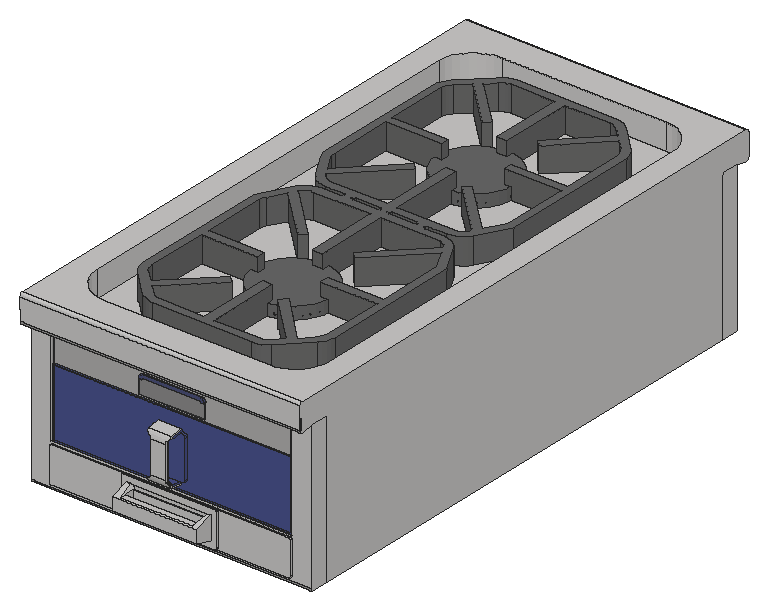
Revit family "QF_ELECTROLUXPROFESSIONAL_588049_MAGCACDOPI", category Specialty Equipment, Revit 2018
Family settings
  Round Connector Dimension = Use Diameter
  Part Type = Normal
  Work Plane-Based = No
  Always vertical = Yes
  Cut with Voids When Loaded = No
  Shared = No
  Room Calculation Point = No
Parameters
  Weight in Pounds = 81.571
  Watts = 0 W
  URL Cutsheet = ""
  Type Mark [instance] = ""
  Status [instance] = ""
  Specification by User [instance] = ""
  Specification by Manufacturer = ""
  Show Clearance [instance] = yes
  Serial Number = ""
  Seismic Rating = ""
  SMACNA No = ""
  Revision Code [instance] = ""
  Omniclass Number and Title = ""
  NAFEM Spec ID Number = ""
  Model = "588049"
  Mechanical Remarks [instance] = ""
  Mechanical Connection Type [instance] = ""
  Masterspec = ""
  Manufacturer = "ELECTROLUX"
  Item Number [instance] = ""
  Installed By [instance] = ""
  Identify Quantity as Lot [instance] = yes
  HP = "0 HP"
  Gas Size = 1/2"
  Gas RI Height [instance] = 0 mm
  Gas KW = 14
  Gas Input = 47726.0 Btu/h
  Gas Connection Height [instance] = 0 mm
  Furnished By [instance] = ""
  Foodservice Equipment Identifier [instance] = yes
  Direct Waste Size = 0"
  Description = "GAS TOP,2 BURNERS,ECO,2SIDE,400X800X250H"
  CSI MasterFormat = ""
  CSI Master Format = ""
  Back Panel [instance] = yes
Reference planes
  plane 1 "BACK": y = 0
  plane 2: z = 0
  plane 3 "LEFT": x = 0
  plane 4 "RIGHT": x = 400
  plane 5 "FRONT": y = -800
  plane 6 "TOP": z = 250
  plane 7: x = 200
  plane 8: y = -400
  plane 9: z = 370
  plane 10: x = 365
  plane 11: y = -60.425
  plane 12: y = -1230
Forms (mm)
  Extrusion 1, solid, material "QF_Finishes_Stainless Steel"
    sketch origin (0, -487.128, 0) x (0, 1, 0) y (0, 0, 1)
      loop
        line (483.128, 250) -> (-308.872, 250)
        arc (-308.872, 250) -> (-311.7, 248.828) -> (-312.872, 246) r 4
        line (-312.872, 246) -> (-312.872, 214)
        arc (-312.872, 214) -> (-311.437, 210.931) -> (-308.161, 210.064) r 4
        line (-308.161, 210.064) -> (-292.872, 213) -> (-267.872, 213) -> (-267.872, 0) -> (442.128, 0) -> (442.128, 213) -> (465.765, 213) -> (482.433, 210.061)
        arc (482.433, 210.061) -> (485.699, 210.936) -> (487.128, 214) r 4
        line (487.128, 214) -> (487.128, 246)
        arc (487.128, 246) -> (485.956, 248.828) -> (483.128, 250) r 4
    from 0 to 400
  Extrusion 2, void
    sketch origin (653.786, 44.048, 250) x (1, 0, 0) y (0, -1, 0)
      loop
        line (-570.234, 89.462) -> (-335.321, 89.462)
        arc (-335.321, 89.462) -> (-300.694, 103.805) -> (-286.351, 138.432) r 48.97
        line (-286.351, 138.432) -> (-286.351, 750.078)
        arc (-286.351, 750.078) -> (-300.694, 784.705) -> (-335.321, 799.048) r 48.97
        line (-335.321, 799.048) -> (-570.234, 799.048)
        arc (-570.234, 799.048) -> (-605.59, 784.403) -> (-620.234, 749.048) r 50
        line (-620.234, 749.048) -> (-620.234, 139.462)
        arc (-620.234, 139.462) -> (-605.59, 104.107) -> (-570.234, 89.462) r 50
    from 0 to 37
  Extrusion 3, solid, material "QF_Finishes_Stainless Steel"
    sketch origin (10, -560, 0) x (1, 0, 0) y (0, -1, 0)
      loop
        circle (355, -70) r 6.35
    from 0 to 3.2
  Extrusion 4, solid, material "QF_Door-Drawer Clearances", visible <- "Show Clearance", detail levels coarse
    sketch origin (-178.969, -4572, 0) x (-1, 0, 0) y (0, -1, 0)
      loop
        line (-207.364, -3789.407) -> (-207.364, -3342) -> (-551.364, -3342) -> (-551.364, -3789.407) -> (-207.364, -3789.407)
    from 8.012 to 59.392
Cuts and joins
  Extrusion 2 cuts Extrusion 1
Lines and regions (mm)
  symbolic lines
    curve 1: line (0, 0, 0) -> (400, 0, 0)
    curve 2: line (0, -800, 0) -> (0, 0, 0)
    curve 3: line (400, -800, 0) -> (0, -800, 0)
    curve 4: line (400, 0, 0) -> (400, -800, 0)
    curve 5: arc (83.552, -755, 0) -> (48.197, -740.355, 0) -> (33.552, -705, 0) r 50
    curve 6: line (33.552, -705, 0) -> (33.552, -95.414, 0)
    curve 7: arc (33.552, -95.414, 0) -> (48.197, -60.059, 0) -> (83.552, -45.414, 0) r 50
    curve 8: line (83.552, -45.414, 0) -> (318.465, -45.414, 0)
    curve 9: arc (318.465, -45.414, 0) -> (353.092, -59.757, 0) -> (367.435, -94.384, 0) r 48.97
    curve 10: line (367.435, -94.384, 0) -> (367.435, -706.03, 0)
    curve 11: arc (367.435, -706.03, 0) -> (353.092, -740.657, 0) -> (318.465, -755, 0) r 48.97
    curve 12: line (318.465, -755, 0) -> (83.552, -755, 0)
  symbolic lines, style "QF_Door-Drawer Clearances"
    curve 13: line (28.395, -800, 0) -> (28.395, -1230, 0)
    curve 14: line (28.395, -1230, 0) -> (372.395, -1230, 0)
    curve 15: line (372.395, -1230, 0) -> (372.395, -800, 0)
Dimensions and locks
  plane 3 "LEFT" to plane 4 "RIGHT" = 400 mm
  plane 5 "FRONT" to plane 1 "BACK" = 800 mm
  equal spacing: plane 3 "LEFT", plane 7, plane 4 "RIGHT"
  equal spacing: plane 5 "FRONT", plane 8, plane 1 "BACK"
  plane 6 "TOP" to level = 250 mm  (x2)
  plane 1 "BACK" to plane 5 "FRONT" = 800 mm
  Extrusion 3 sketch curve to plane 1 "BACK" = 490 mm
  Extrusion 3 sketch curve to plane 4 "RIGHT" = 35 mm
  plane 1 "BACK" to Extrusion 3 = 490 mm
  locked: plane 10 to plane 4 "RIGHT" at 35
  plane 5 "FRONT" to plane 12 = 430 mm
  aligned and locked: level to plane 2
  aligned and locked: plane 7 to nested 1
  aligned and locked: Extrusion 1 to plane 4 "RIGHT"
Automatic sketch dimensions
  Extrusion 1 sketch curve to plane 5 "FRONT" = 0 mm
  Extrusion 1 sketch curve to plane 6 "TOP" = 0 mm
  Extrusion 1 sketch curve to level = 0 mm
  Extrusion 1 sketch curve to plane 1 "BACK" = 0 mm
  Extrusion 1 sketch curve to plane 6 "TOP" = 37 mm  (x2)
  Extrusion 1 sketch curve to plane 5 "FRONT" = 4 mm
  Extrusion 1 sketch curve to plane 5 "FRONT" = 20 mm
  Extrusion 1 sketch curve to plane 5 "FRONT" = 45 mm
  plane 1 "BACK" to Extrusion 1 sketch curve = 21.363 mm
  plane 1 "BACK" to Extrusion 1 sketch curve = 4 mm  (x2)
  Extrusion 1 sketch curve to Extrusion 1 sketch curve = 4 mm
  Extrusion 1 sketch curve to Extrusion 1 sketch curve = 0.711 mm
  plane 1 "BACK" to Extrusion 1 sketch curve = 4.695 mm
  Extrusion 1 sketch curve to Extrusion 1 sketch curve = 0 mm  (x2)
  Extrusion 1 sketch curve to Extrusion 1 sketch curve = 1 mm  (x2)
  plane 1 "BACK" to Extrusion 1 sketch curve = 45 mm
  plane 1 "BACK" to curve 1 = 0 mm
  curve 1 to plane 4 "RIGHT" = 0 mm
  curve 2 to plane 3 "LEFT" = 0 mm
  Extrusion 2 sketch curve to Extrusion 2 sketch curve = 50 mm  (x2)
  Extrusion 1 to Extrusion 2 sketch curve = 81.535 mm  (x2)
  Extrusion 1 to Extrusion 2 sketch curve = 41 mm
  Extrusion 1 to Extrusion 2 sketch curve = 32.565 mm
  Extrusion 1 to Extrusion 2 sketch curve = 33.552 mm
  Extrusion 1 to Extrusion 2 sketch curve = 91.414 mm
  curve 10 to plane 10 = 2.435 mm
  plane 11 to curve 8 = 15.012 mm
  plane 10 to curve 8 = 46.535 mm
  plane 3 "LEFT" to curve 8 = 83.552 mm
  plane 3 "LEFT" to curve 6 = 33.552 mm
  curve 6 to plane 5 "FRONT" = 95 mm
  plane 10 to curve 12 = 46.535 mm
  curve 10 to plane 5 "FRONT" = 93.97 mm
  Extrusion 4 sketch curve to plane 5 "FRONT" = 17.407 mm
  plane 7 to Extrusion 4 sketch curve = 172.395 mm
  plane 3 "LEFT" to Extrusion 4 sketch curve = 28.395 mm
  plane 5 "FRONT" to Extrusion 4 sketch curve = 430 mm
  curve 13 to plane 12 = 0 mm
  plane 3 "LEFT" to curve 13 = 28.395 mm
  curve 14 to plane 10 = 7.395 mm
  curve 15 to plane 5 "FRONT" = 0 mm
  radius of Extrusion 3 sketch curve = 6.35 mm
Nested families
  nested 1: "EG_800_500_Single Range Control Handle Front Panel" at (202.376, -755, -650), type "EG_800_500_Single Range Control Handle Front Panel"
  nested 2: "OBT_800_Open Burner" at (200, -400.207, -649.319), type "OBT_800_Open Burner"
  nested 3: "EG_800_500_Single Range Control Handle Back Panel" at (202.376, -45, -650), type "EG_800_500_Single Range Control Handle Back Panel"
Connectors
  piping at (365, -490, -3.2), diameter 12.8
    settings: on Extrusion 3, index 1, connector inside diameter 0.50394", connector length 0 mm, flow factor 0, pipe flow 0 GPM, pressure drop 0.00 psi, fitting loss kfactor 0, connector angle 0.00°, fixture units 0, engagement length 0 mm, angle of deflection 0.00°, flow configuration 1, flow direction 1, fitting loss method 0, system type 7, joint type 0, gender type 0, connector reference index -1, connector utility 0, adjustable connector no, is connector primary yes, connector description "GAS CONNECTION"
Definition of nested family "EG_800_500_Single Range Control Handle Front Panel"
  Reference planes
    plane 1 "Center (Front/Back)": y = 0
    plane 2: z = 0
    plane 3 "Center (Left/Right)": x = -2.376
    plane 4: x = -202.376
    plane 5: x = 197.624
    plane 6: y = -45
  Forms (mm)
    Extrusion 1, solid
      sketch origin (833.217, 829.203, -1.25) x (0, 1, 0) y (0, 0, 1)
        loop
          arc (-854.203, 654.25) -> (-853.324, 652.129) -> (-851.203, 651.25) r 3
          line (-851.203, 651.25) -> (-829.203, 651.25) -> (-829.203, 864.25) -> (-854.203, 864.25) -> (-854.203, 654.25)
      from -1035.593 to -635.593
    Extrusion 2, void
      sketch origin (33.217, 829.203, -1.25) x (1, 0, 0) y (0, 0, 1)
        loop
          line (-207.593, 855.116) -> (-207.593, 713.116) -> (136.407, 713.116) -> (136.407, 855.116) -> (-207.593, 855.116)
      from 848.59 to 854.203
  Cuts and joins
    Extrusion 2 cuts Extrusion 1
  Dimensions and locks
    equal spacing: plane 5, plane 3 "Center (Left/Right)", plane 4
    plane 5 to plane 4 = 400 mm
    aligned and locked: cut or joined group of Extrusion 1, Extrusion 2 to plane 4
    aligned and locked: plane 5 to cut or joined group of Extrusion 1, Extrusion 2
    aligned and locked: plane 3 "Center (Left/Right)" to nested 1
    aligned and locked: cut or joined group of Extrusion 1, Extrusion 2 to nested 1
  Automatic sketch dimensions
    Extrusion 1 sketch curve to plane 1 "Center (Front/Back)" = 0 mm
    plane 1 "Center (Front/Back)" to Extrusion 1 sketch curve = 22 mm
    Extrusion 1 sketch curve to Extrusion 1 sketch curve = 3 mm
    level to Extrusion 1 sketch curve = 650 mm
    Extrusion 1 sketch curve to Extrusion 1 sketch curve = 210 mm
    plane 4 to Extrusion 2 sketch curve = 28 mm
    Extrusion 2 sketch curve to plane 5 = 28 mm
    level to Extrusion 2 sketch curve = 711.866 mm
    Extrusion 2 sketch curve to Extrusion 2 sketch curve = 142 mm
  Nested families
    nested 1: "glass conrol panel" at (-2.376, 280.644, 2.752), type "glass conrol panel"
    nested 2: "Range Control Handle" at (-2.602, -28.137, -209.113), type "Range Control Handle"
    nested 3: "grease trap door" at (-69.975, -25, 0), type "grease trap door"
  Definition of nested family "glass conrol panel"
    Reference planes
      plane 1 "Center (Front/Back)": y = 0
      plane 2: z = 0
      plane 3 "Center (Left/Right)": x = 0
    Forms (mm)
      Extrusion 1, solid
        sketch origin (378.286, 0, 0.617) x (1, 0, 0) y (0, 0, 1)
          loop
            line (-550.286, 806.791) -> (-550.286, 708.497) -> (-206.286, 708.497) -> (-206.286, 806.791) -> (-550.286, 806.791)
        from 300.031 to 304.8
      Extrusion 2, solid
        sketch origin (378.286, 0, 0.617) x (1, 0, 0) y (0, 0, 1)
          loop
            line (-550.286, 850.497) -> (-550.286, 806.791) -> (-206.286, 806.791) -> (-206.286, 850.497) -> (-550.286, 850.497)
        from 300.031 to 304.8
      Extrusion 3, void
        sketch origin (378.286, 0, 0.617) x (1, 0, 0) y (0, 0, 1)
          loop
            line (-547.628, 847.565) -> (-547.628, 710.699) -> (-209.196, 710.699) -> (-209.196, 847.565) -> (-547.628, 847.565)
        from 303.697 to 304.8
      Extrusion 4, solid
        sketch origin (308.309, 1.101, -0.633) x (1, 0, 0) y (0, 0, 1)
          loop
            line (-261.431, 812.62) -> (-261.431, 834.177) -> (-266.24, 834.177) -> (-268.039, 835.977) -> (-348.469, 835.977) -> (-350.269, 834.177) -> (-355.186, 834.177) -> (-355.186, 812.62) -> (-261.431, 812.62)
        from 304.798 to 306.745
      Extrusion 5, solid
        sketch origin (308.309, 1.101, -0.633) x (1, 0, 0) y (0, 0, 1)
          loop
            line (-350.269, 834.177) -> (-348.469, 835.977) -> (-268.039, 835.977) -> (-266.24, 834.177) -> (-261.529, 834.177)
            arc (-261.529, 834.177) -> (-262.706, 838.752) -> (-266.98, 840.763) r 5.549
            line (-266.98, 840.763) -> (-349.686, 840.763)
            arc (-349.686, 840.763) -> (-353.942, 838.747) -> (-355.078, 834.177) r 5.5
            line (-355.078, 834.177) -> (-350.269, 834.177)
        from 304.798 to 306.745
    Cuts and joins
      Extrusion 3 cuts Extrusion 1
      Extrusion 3 cuts Extrusion 2
    Dimensions and locks
      aligned and locked: Extrusion 1 to Extrusion 2
      aligned and locked: Extrusion 5 sketch curve to Extrusion 4  (x4)
      aligned and locked: Extrusion 4 to Extrusion 5 sketch curve
      aligned and locked: Extrusion 5 to Extrusion 4
  Definition of nested family "Range Control Handle"
    Reference planes
      plane 1 "Center (Front/Back)": y = 0
      plane 2: z = 0
      plane 3 "Center (Left/Right)": x = 0
      plane 4: z = 971.092
      plane 5: y = -16.9
    Forms (mm)
      Extrusion 1, solid
        sketch origin (-746.28, 380.497, 208.931) x (-1, 0, 0) y (0, 0, 1)
          loop
            line (-770.101, 786.798) -> (-770.101, 731.649)
            arc (-770.101, 731.649) -> (-769.759, 730.563) -> (-768.855, 729.87) r 1.893
            line (-768.855, 729.87) -> (-763.474, 727.911) -> (-729.81, 727.911) -> (-724.428, 729.87)
            arc (-724.428, 729.87) -> (-723.525, 730.563) -> (-723.183, 731.649) r 1.893
            line (-723.183, 731.649) -> (-723.183, 786.798)
            arc (-723.183, 786.798) -> (-723.529, 787.894) -> (-724.44, 788.593) r 1.91
            line (-724.44, 788.593) -> (-729.683, 790.819) -> (-763.601, 790.819) -> (-768.844, 788.593)
            arc (-768.844, 788.593) -> (-769.755, 787.894) -> (-770.101, 786.798) r 1.91
        from -382.35 to -378.852
      Sweep 2, solid
        path origin (-746.788, 380.496, 208.091) x (0, -1, 0) y (0, 0, 1)
          loop
            line (379.775, 793.281) -> (395.661, 791.048)
            arc (395.661, 791.048) -> (397.781, 787.377) -> (398.517, 783.202) r 12.207
            line (398.517, 783.202) -> (398.517, 737.368)
            arc (398.517, 737.368) -> (397.781, 733.193) -> (395.661, 729.522) r 12.207
            line (395.661, 729.522) -> (379.775, 727.289)
        profile origin (-746.788, -7.222, 1000.256) x (0, -0.139173, 0.990268) y (-1, 0, 0)
          loop
            line (0.782, -763.123) -> (0.782, -730.907) -> (-1.322, -730.907) -> (-1.322, -763.123) -> (0.782, -763.123)
      Sweep 3, solid
        path origin (-746.788, 380.715, 207.832) x (0, -1, 0) y (0, 0, 1)
          loop
            line (380.478, 795.442) -> (397.218, 793.09)
            arc (397.218, 793.09) -> (399.929, 788.473) -> (400.871, 783.202) r 15.207
            line (400.871, 783.202) -> (400.871, 737.584)
            arc (400.871, 737.584) -> (399.914, 732.274) -> (397.164, 727.633) r 15.207
            line (397.164, 727.633) -> (380.601, 725.305)
        profile origin (-746.788, -8.132, 1002.099) x (0, -0.139173, 0.990268) y (-1, 0, 0)
          loop
            line (0.782, -763.123) -> (0.782, -730.907) -> (-1.322, -730.907) -> (-1.322, -763.123) -> (0.782, -763.123)
      Extrusion 4, void
        sketch origin (889.253, 220.666, 207.993) x (1, 0, 0) y (0, 0, 1)
          loop
            line (-943.038, 816.854) -> (-943.038, 703.686) -> (-899.466, 734.196) -> (-899.466, 786.344) -> (-943.038, 816.854)
        from 230.636 to 242.25
      Extrusion 5, void
        sketch origin (-888.8, 220.666, 207.993) x (-1, 0, 0) y (0, 0, -1)
          loop
            line (-943.038, -816.854) -> (-899.466, -786.344) -> (-899.466, -734.196) -> (-943.038, -703.686) -> (-943.038, -816.854)
        from 230.636 to 242.25
      Extrusion 6, solid
        sketch origin (0, 0, 0) x (1, 0, 0) y (0, 0, 1)
          loop
            circle (0, 971.092) r 7.736
        from -3.137 to -1.645
    Cuts and joins
      Extrusion 4, Extrusion 5 cuts Sweep 3
      Extrusion 4, Extrusion 5 cuts Sweep 2
      joined: Extrusion 1, Extrusion 6
    Lines and regions (mm)
      symbolic lines
        curve 1: line (16.334, -16.9, 0) -> (16.334, -19.227, 0)
        curve 2: spline (16.334, -19.227, 0) -> (15.87, -19.385, 0) -> (15.404, -19.536, 0) -> (14.936, -19.678, 0) -> (14.466, -19.813, 0) -> (13.995, -19.94, 0) -> (13.523, -20.059, 0) -> (13.049, -20.171, 0) -> (12.575, -20.274, 0) -> (12.099, -20.37, 0) -> (11.622, -20.458, 0) -> (11.144, -20.537, 0) -> (10.666, -20.609, 0)
        curve 3: line (10.666, -16.9, 0) -> (10.666, -20.938, 0)
        curve 4: line (-10.213, -20.938, 0) -> (10.666, -20.938, 0)
        curve 5: line (-10.213, -20.938, 0) -> (-10.213, -16.9, 0)
        curve 6: spline (-10.213, -20.609, 0) -> (-10.691, -20.537, 0) -> (-11.169, -20.458, 0) -> (-11.646, -20.37, 0) -> (-12.122, -20.274, 0) -> (-12.597, -20.171, 0) -> (-13.07, -20.059, 0) -> (-13.542, -19.94, 0) -> (-14.013, -19.813, 0) -> (-14.483, -19.678, 0) -> (-14.951, -19.536, 0) -> (-15.417, -19.385, 0) -> (-15.881, -19.227, 0)
        curve 7: line (-15.881, -19.227, 0) -> (-15.881, -16.9, 0)
  Definition of nested family "grease trap door"
    Reference planes
      plane 1 "Center (Front/Back)": y = 0
      plane 2: z = 0
      plane 3 "Center (Left/Right)": x = 0
      plane 4: y = -20
    Forms (mm)
      Extrusion 1, solid
        sketch origin (1627.55, 854.203, -1.25) x (1, 0, 0) y (0, 0, 1)
          loop
            arc (-1627.55, 661.235) -> (-1626.972, 659.84) -> (-1625.577, 659.262) r 1.973
            line (-1625.577, 659.262) -> (-1494.325, 659.262)
            arc (-1494.325, 659.262) -> (-1492.156, 660.16) -> (-1491.258, 662.329) r 3.067
            line (-1491.258, 662.329) -> (-1491.258, 708.803)
            arc (-1491.258, 708.803) -> (-1492.414, 710.143) -> (-1494.111, 710.642) r 3.133
            line (-1494.111, 710.642) -> (-1625.486, 710.642)
            arc (-1625.486, 710.642) -> (-1626.945, 710.038) -> (-1627.55, 708.579) r 2.063
            line (-1627.55, 708.579) -> (-1627.55, 661.235)
        from 856.795 to 859.203
      Extrusion 2, solid
        sketch origin (445.874, 2476.61, 0) x (0, 1, 0) y (0, 0, 1)
          loop
            line (-2506.377, 675.273) -> (-2481.61, 667.505) -> (-2481.61, 700.995) -> (-2506.377, 693.227) -> (-2506.377, 675.273)
        from -437.68 to -317.68
      Extrusion 3, void
        sketch origin (1627.55, 854.203, -1.25) x (1, 0, 0) y (0, 0, 1)
          loop
            line (-1614.883, 703) -> (-1610.542, 695.433) -> (-1508.17, 695.433) -> (-1503.828, 703) -> (-1614.883, 703)
          loop
            line (-1614.883, 668) -> (-1502.669, 668) -> (-1507.01, 675.567) -> (-1610.542, 675.567) -> (-1614.883, 668)
        from 832.916 to 883.97
      Extrusion 4, void
        sketch origin (447.55, 854.203, -1.25) x (1, 0, 0) y (0, 0, 1)
          loop
            line (-430.542, 695.433) -> (-430.542, 675.567) -> (-328.17, 675.567) -> (-328.17, 695.433) -> (-430.542, 695.433)
        from 859.203 to 874.202
      Extrusion 5, solid
        sketch origin (1627.55, 854.203, -1.25) x (1, 0, 0) y (0, 0, 1)
          loop
            arc (-1731.556, 661.235) -> (-1730.978, 659.84) -> (-1729.583, 659.262) r 1.973
            line (-1729.583, 659.262) -> (-1390.623, 659.262)
            arc (-1390.623, 659.262) -> (-1388.454, 660.16) -> (-1387.556, 662.329) r 3.067
            line (-1387.556, 662.329) -> (-1387.556, 708.803)
            arc (-1387.556, 708.803) -> (-1388.712, 710.143) -> (-1390.409, 710.642) r 3.133
            line (-1390.409, 710.642) -> (-1729.493, 710.642)
            arc (-1729.493, 710.642) -> (-1730.952, 710.038) -> (-1731.556, 708.579) r 2.063
            line (-1731.556, 708.579) -> (-1731.556, 661.235)
        from 854.203 to 856.795
    Cuts and joins
      Extrusion 3 cuts Extrusion 1
      Extrusion 3, Extrusion 4 cuts Extrusion 2
      joined: Extrusion 1, Extrusion 2
    Lines and regions (mm)
      model lines
        curve 1: line (67.599, 0, 658.012) -> (67.599, 0, 709.392)
      symbolic lines
        curve 2: line (8.194, -20, 0) -> (8.194, -29.767, 0)
        curve 3: line (8.194, -29.767, 0) -> (128.194, -29.767, 0)
        curve 4: line (128.194, -29.767, 0) -> (128.194, -20, 0)
    Dimensions and locks
      aligned and locked: Extrusion 2 to Extrusion 1
      aligned and locked: Extrusion 3 to Extrusion 2
      aligned and locked: Extrusion 4 to Extrusion 1
Definition of nested family "OBT_800_Open Burner"
  Reference planes
    plane 1 "Center (Front/Back)": y = 0
    plane 2: z = 0
    plane 3 "Center (Left/Right)": x = 0
    plane 4: x = -136.448
    plane 5: x = 137.435
    plane 6: y = 324.793
    plane 7: y = -324.793
  Forms (mm)
    Extrusion 1, solid
      sketch origin (2130.573, 56.896, -679.622) x (1, 0, 0) y (0, 1, 0)
        loop
          line (-2137.44, 256.49) -> (-2200.793, 256.49)
          arc (-2200.793, 256.49) -> (-2207.908, 255.075) -> (-2213.94, 251.044) r 18.593
          line (-2213.94, 251.044) -> (-2226.233, 238.751) -> (-2163.48, 175.998) -> (-2171.6, 167.877) -> (-2234.354, 230.631) -> (-2250.33, 214.654)
          arc (-2250.33, 214.654) -> (-2254.433, 208.337) -> (-2255.614, 200.897) r 18.125
          line (-2255.614, 200.897) -> (-2255.614, 113.422) -> (-2175.79, 113.422) -> (-2175.79, 101.938) -> (-2255.614, 101.938) -> (-2255.614, 10.897)
          arc (-2255.614, 10.897) -> (-2254.981, 6.085) -> (-2253.123, 1.601) r 18.593
          line (-2253.123, 1.601) -> (-2240.078, -20.994) -> (-2171.6, 47.483) -> (-2163.48, 39.363) -> (-2234.012, -31.169)
          arc (-2234.012, -31.169) -> (-2228.546, -38.527) -> (-2220.23, -42.379) r 18.593
          line (-2220.23, -42.379) -> (-2137.44, -42.379) -> (-2137.44, 62.464) -> (-2123.707, 62.464) -> (-2123.707, -42.379) -> (-2039.969, -42.379)
          arc (-2039.969, -42.379) -> (-2031.653, -38.527) -> (-2026.187, -31.169) r 18.593
          line (-2026.187, -31.169) -> (-2097.271, 39.915) -> (-2089.15, 48.035) -> (-2020.118, -20.997) -> (-2004.585, 5.916) -> (-2004.585, 101.938) -> (-2085.357, 101.938) -> (-2085.357, 113.422) -> (-2004.585, 113.422) -> (-2004.585, 197.888)
          arc (-2004.585, 197.888) -> (-2006.695, 208.496) -> (-2012.704, 217.489) r 27.72
          line (-2012.704, 217.489) -> (-2025.845, 230.631) -> (-2089.15, 167.325) -> (-2097.271, 175.446) -> (-2033.966, 238.751) -> (-2046.259, 251.044)
          arc (-2046.259, 251.044) -> (-2052.291, 255.075) -> (-2059.406, 256.49) r 18.593
          line (-2059.406, 256.49) -> (-2123.707, 256.49) -> (-2123.707, 152.897) -> (-2137.44, 152.897) -> (-2137.44, 256.49)
        loop
          arc (-2267.021, 10.897) -> (-2265.999, 3.132) -> (-2263.002, -4.103) r 30
          line (-2263.002, -4.103) -> (-2242.795, -39.103)
          arc (-2242.795, -39.103) -> (-2231.814, -50.084) -> (-2216.814, -54.103) r 30
          line (-2216.814, -54.103) -> (-2189.287, -54.103)
          arc (-2189.287, -54.103) -> (-2188.243, -56) -> (-2186.272, -56.896) r 3.438
          arc (-2186.272, -56.896) -> (-2188.243, -57.792) -> (-2189.287, -59.689) r 3.438
          line (-2189.287, -59.689) -> (-2216.814, -59.689)
          arc (-2216.814, -59.689) -> (-2231.814, -63.708) -> (-2242.795, -74.689) r 30
          line (-2242.795, -74.689) -> (-2263.002, -109.689)
          arc (-2263.002, -109.689) -> (-2265.999, -116.924) -> (-2267.021, -124.689) r 30
          line (-2267.021, -124.689) -> (-2267.021, -315.461)
          arc (-2267.021, -315.461) -> (-2264.738, -326.941) -> (-2258.234, -336.674) r 30
          line (-2258.234, -336.674) -> (-2221.975, -372.933)
          arc (-2221.975, -372.933) -> (-2212.253, -379.414) -> (-2200.793, -381.689) r 30
          line (-2200.793, -381.689) -> (-2059.406, -381.689)
          arc (-2059.406, -381.689) -> (-2047.942, -379.412) -> (-2038.218, -372.928) r 30
          line (-2038.218, -372.928) -> (-2001.964, -336.674)
          arc (-2001.964, -336.674) -> (-1995.461, -326.941) -> (-1993.138, -315.461) r 30
          line (-1993.138, -315.461) -> (-1993.138, -116.719) -> (-2017.404, -74.689)
          arc (-2017.404, -74.689) -> (-2028.385, -63.708) -> (-2043.385, -59.689) r 30
          line (-2043.385, -59.689) -> (-2070.476, -59.689)
          arc (-2070.476, -59.689) -> (-2072.136, -57.759) -> (-2074.531, -56.896) r 5
          arc (-2074.531, -56.896) -> (-2072.136, -56.033) -> (-2070.476, -54.103) r 5
          line (-2070.476, -54.103) -> (-2043.385, -54.103)
          arc (-2043.385, -54.103) -> (-2028.385, -50.084) -> (-2017.404, -39.103) r 30
          line (-2017.404, -39.103) -> (-1993.294, 2.656) -> (-1993.294, 204.314)
          arc (-1993.294, 204.314) -> (-1995.995, 214.361) -> (-2001.964, 222.882) r 30
          line (-2001.964, 222.882) -> (-2038.218, 259.136)
          arc (-2038.218, 259.136) -> (-2047.942, 265.62) -> (-2059.406, 267.897) r 30
          line (-2059.406, 267.897) -> (-2200.793, 267.897)
          arc (-2200.793, 267.897) -> (-2212.253, 265.622) -> (-2221.975, 259.141) r 30
          line (-2221.975, 259.141) -> (-2258.234, 222.882)
          arc (-2258.234, 222.882) -> (-2264.738, 213.149) -> (-2267.021, 201.669) r 30
          line (-2267.021, 201.669) -> (-2267.021, 10.897)
        loop
          arc (-2122.397, -54.103) -> (-2124.057, -56.033) -> (-2126.452, -56.896) r 5
          arc (-2126.452, -56.896) -> (-2124.057, -57.759) -> (-2122.397, -59.689) r 5
          line (-2122.397, -59.689) -> (-2085.985, -59.689)
          arc (-2085.985, -59.689) -> (-2084.941, -57.792) -> (-2082.97, -56.896) r 3.438
          arc (-2082.97, -56.896) -> (-2084.941, -56) -> (-2085.985, -54.103) r 3.438
          line (-2085.985, -54.103) -> (-2122.397, -54.103)
        loop
          arc (-2173.778, -54.103) -> (-2175.438, -56.033) -> (-2177.833, -56.896) r 5
          arc (-2177.833, -56.896) -> (-2175.438, -57.759) -> (-2173.778, -59.689) r 5
          line (-2173.778, -59.689) -> (-2137.906, -59.689)
          arc (-2137.906, -59.689) -> (-2136.862, -57.792) -> (-2134.891, -56.896) r 3.438
          arc (-2134.891, -56.896) -> (-2136.862, -56) -> (-2137.906, -54.103) r 3.438
          line (-2137.906, -54.103) -> (-2173.778, -54.103)
        loop
          line (-2137.44, -370.282) -> (-2137.44, -265.439) -> (-2123.707, -265.439) -> (-2123.707, -370.282) -> (-2059.406, -370.282)
          arc (-2059.406, -370.282) -> (-2052.291, -368.867) -> (-2046.259, -364.836) r 18.593
          line (-2046.259, -364.836) -> (-2033.341, -351.918) -> (-2097.271, -287.988) -> (-2089.15, -279.867) -> (-2025.22, -343.798) -> (-2012.704, -331.281)
          arc (-2012.704, -331.281) -> (-2006.695, -322.288) -> (-2004.585, -311.68) r 27.72
          line (-2004.585, -311.68) -> (-2004.585, -225.964) -> (-2085.357, -225.964) -> (-2085.357, -214.48) -> (-2004.585, -214.48) -> (-2004.585, -119.708) -> (-2020.576, -92.003) -> (-2089.15, -160.577) -> (-2097.271, -152.457) -> (-2026.57, -81.755)
          arc (-2026.57, -81.755) -> (-2032.024, -74.971) -> (-2039.969, -71.413) r 18.593
          line (-2039.969, -71.413) -> (-2123.707, -71.413) -> (-2123.707, -175.006) -> (-2137.44, -175.006) -> (-2137.44, -71.413) -> (-2220.23, -71.413)
          arc (-2220.23, -71.413) -> (-2228.175, -74.971) -> (-2233.629, -81.755) r 18.593
          line (-2233.629, -81.755) -> (-2163.48, -151.905) -> (-2171.6, -160.025) -> (-2239.62, -92.005) -> (-2253.123, -115.393)
          arc (-2253.123, -115.393) -> (-2254.981, -119.877) -> (-2255.614, -124.689) r 18.593
          line (-2255.614, -124.689) -> (-2255.614, -214.48) -> (-2175.79, -214.48) -> (-2175.79, -225.964) -> (-2255.614, -225.964) -> (-2255.614, -314.689)
          arc (-2255.614, -314.689) -> (-2254.433, -322.129) -> (-2250.33, -328.446) r 18.125
          line (-2250.33, -328.446) -> (-2234.979, -343.798) -> (-2171.6, -280.419) -> (-2163.48, -288.54) -> (-2226.858, -351.918) -> (-2213.94, -364.836)
          arc (-2213.94, -364.836) -> (-2207.908, -368.867) -> (-2200.793, -370.282) r 18.593
          line (-2200.793, -370.282) -> (-2137.44, -370.282)
      from 1542.072 to 1578.941
    Extrusion 2, solid
      sketch origin (2130.573, 86.122, 0) x (1, 0, 0) y (0, 1, 0)
        loop
          circle (-2130.573, -249.448) r 55
        loop
          circle (-2130.573, 78.455) r 55
      from 862.45 to 879.837
    Extrusion 3, void
      sketch origin (-124.371, -330.785, -22.784) x (-0.587785, -0.809017, 0) y (0, 0, 1)
        loop
          circle (-213.495, 891.283) r 1
      from -67.69 to -35.114
    Extrusion 4, void
      sketch origin (-89.903, -351.417, -22.784) x (-0.422618, -0.906308, 0) y (0, 0, 1)
        loop
          circle (-213.495, 891.283) r 1
      from -74.826 to -35.114
    Extrusion 5, void
      sketch origin (-52.131, -365.093, -22.784) x (-0.241922, -0.970296, 0) y (0, 0, 1)
        loop
          circle (-213.495, 891.283) r 1
      from -67.69 to -35.114
    Extrusion 6, void
      sketch origin (27.702, -369.842, -22.784) x (0.139173, -0.990268, 0) y (0, 0, 1)
        loop
          circle (-213.495, 891.283) r 1
      from -67.69 to -35.114
    Extrusion 7, void
      sketch origin (66.829, -360.74, -22.784) x (0.325568, -0.945519, 0) y (0, 0, 1)
        loop
          circle (-213.495, 891.283) r 1
      from -67.69 to -35.114
    Extrusion 8, void
      sketch origin (103.5, -344.339, -22.784) x (0.5, -0.866025, 0) y (0, 0, 1)
        loop
          circle (-213.495, 891.283) r 1
      from -67.69 to -35.114
    Extrusion 9, void
      sketch origin (136.368, -321.242, -22.784) x (0.656059, -0.75471, 0) y (0, 0, 1)
        loop
          circle (-213.495, 891.283) r 1
      from -67.69 to -35.114
    Extrusion 10, void
      sketch origin (164.225, -292.298, -22.784) x (0.788011, -0.615661, 0) y (0, 0, 1)
        loop
          circle (-213.495, 891.283) r 1
      from -67.69 to -35.114
    Extrusion 11, void
      sketch origin (186.048, -258.571, -22.784) x (0.891007, -0.45399, 0) y (0, 0, 1)
        loop
          circle (-213.495, 891.283) r 1
      from -67.69 to -35.114
    Extrusion 12, void
      sketch origin (201.034, -221.299, -22.784) x (0.961262, -0.275637, 0) y (0, 0, 1)
        loop
          circle (-213.495, 891.283) r 1
      from -67.69 to -35.114
    Extrusion 13, void
      sketch origin (208.566, -141.681, -22.784) x (0.994522, 0.104528, 0) y (0, 0, 1)
        loop
          circle (-213.495, 891.283) r 1
      from -67.69 to -35.114
    Extrusion 14, void
      sketch origin (200.835, -102.26, -22.784) x (0.956305, 0.292372, 0) y (0, 0, 1)
        loop
          circle (-213.495, 891.283) r 1
      from -67.69 to -35.114
    Extrusion 15, void
      sketch origin (185.724, -65.039, -22.784) x (0.882948, 0.469472, 0) y (0, 0, 1)
        loop
          circle (-213.495, 891.283) r 1
      from -67.69 to -35.114
    Extrusion 16, void
      sketch origin (163.788, -31.385, -22.784) x (0.777146, 0.62932, 0) y (0, 0, 1)
        loop
          circle (-213.495, 891.283) r 1
      from -67.69 to -35.114
    Extrusion 17, void
      sketch origin (135.834, -2.534, -22.784) x (0.642788, 0.766044, 0) y (0, 0, 1)
        loop
          circle (-213.495, 891.283) r 1
      from -67.69 to -35.114
    Extrusion 18, void
      sketch origin (102.889, 20.452, -22.784) x (0.48481, 0.87462, 0) y (0, 0, 1)
        loop
          circle (-213.495, 891.283) r 1
      from -67.69 to -35.114
    Extrusion 19, void
      sketch origin (66.163, 36.73, -22.784) x (0.309017, 0.951057, 0) y (0, 0, 1)
        loop
          circle (-213.495, 891.283) r 1
      from -67.69 to -35.114
    Extrusion 20, void
      sketch origin (-52.811, 40.685, -22.784) x (-0.258819, 0.965926, 0) y (0, 0, 1)
        loop
          circle (-213.495, 891.283) r 1
      from -67.69 to -35.114
    Extrusion 21, void
      sketch origin (-90.537, 26.882, -22.784) x (-0.438371, 0.898794, 0) y (0, 0, 1)
        loop
          circle (-213.495, 891.283) r 1
      from -67.69 to -35.114
    Extrusion 22, void
      sketch origin (-124.936, 6.135, -22.784) x (-0.601815, 0.798636, 0) y (0, 0, 1)
        loop
          circle (-213.495, 891.283) r 1
      from -67.69 to -35.114
    Extrusion 23, void
      sketch origin (-154.744, -20.796, -22.784) x (-0.743145, 0.669131, 0) y (0, 0, 1)
        loop
          circle (-213.495, 891.283) r 1
      from -67.69 to -35.114
    Extrusion 24, void
      sketch origin (-178.866, -52.919, -22.784) x (-0.857167, 0.515038, 0) y (0, 0, 1)
        loop
          circle (-213.495, 891.283) r 1
      from -67.69 to -35.114
    Extrusion 25, void
      sketch origin (-196.416, -89.054, -22.784) x (-0.939693, 0.34202, 0) y (0, 0, 1)
        loop
          circle (-213.495, 891.283) r 1
      from -67.69 to -35.114
    Extrusion 26, void
      sketch origin (-204.521, -207.817, -22.784) x (-0.97437, -0.224951, 0) y (0, 0, 1)
        loop
          circle (-213.495, 891.283) r 1
      from -67.69 to -35.114
    Extrusion 27, void
      sketch origin (-192.043, -246.002, -22.784) x (-0.913545, -0.406737, 0) y (0, 0, 1)
        loop
          circle (-213.495, 891.283) r 1
      from -67.69 to -35.114
    Extrusion 28, void
      sketch origin (-172.509, -281.104, -22.784) x (-0.819152, -0.573576, 0) y (0, 0, 1)
        loop
          circle (-213.495, 891.283) r 1
      from -67.69 to -35.114
    Extrusion 29, void
      sketch origin (-146.635, -311.834, -22.784) x (-0.694658, -0.71934, 0) y (0, 0, 1)
        loop
          circle (-213.495, 891.283) r 1
      from -67.69 to -35.114
    Extrusion 30, void
      sketch origin (-124.371, -2.882, -22.784) x (-0.587785, -0.809017, 0) y (0, 0, 1)
        loop
          circle (-213.495, 891.283) r 1
      from -67.69 to -35.114
    Extrusion 31, void
      sketch origin (-89.903, -23.515, -22.784) x (-0.422618, -0.906308, 0) y (0, 0, 1)
        loop
          circle (-213.495, 891.283) r 1
      from -74.826 to -35.114
    Extrusion 32, void
      sketch origin (-52.131, -37.191, -22.784) x (-0.241922, -0.970296, 0) y (0, 0, 1)
        loop
          circle (-213.495, 891.283) r 1
      from -67.69 to -35.114
    Extrusion 33, void
      sketch origin (27.702, -41.939, -22.784) x (0.139173, -0.990268, 0) y (0, 0, 1)
        loop
          circle (-213.495, 891.283) r 1
      from -67.69 to -35.114
    Extrusion 34, void
      sketch origin (66.829, -32.837, -22.784) x (0.325568, -0.945519, 0) y (0, 0, 1)
        loop
          circle (-213.495, 891.283) r 1
      from -67.69 to -35.114
    Extrusion 35, void
      sketch origin (103.5, -16.436, -22.784) x (0.5, -0.866025, 0) y (0, 0, 1)
        loop
          circle (-213.495, 891.283) r 1
      from -67.69 to -35.114
    Extrusion 36, void
      sketch origin (136.368, 6.66, -22.784) x (0.656059, -0.75471, 0) y (0, 0, 1)
        loop
          circle (-213.495, 891.283) r 1
      from -67.69 to -35.114
    Extrusion 37, void
      sketch origin (164.225, 35.604, -22.784) x (0.788011, -0.615661, 0) y (0, 0, 1)
        loop
          circle (-213.495, 891.283) r 1
      from -67.69 to -35.114
    Extrusion 38, void
      sketch origin (186.048, 69.332, -22.784) x (0.891007, -0.45399, 0) y (0, 0, 1)
        loop
          circle (-213.495, 891.283) r 1
      from -67.69 to -35.114
    Extrusion 39, void
      sketch origin (201.034, 106.603, -22.784) x (0.961262, -0.275637, 0) y (0, 0, 1)
        loop
          circle (-213.495, 891.283) r 1
      from -67.69 to -35.114
    Extrusion 40, void
      sketch origin (208.566, 186.222, -22.784) x (0.994522, 0.104528, 0) y (0, 0, 1)
        loop
          circle (-213.495, 891.283) r 1
      from -67.69 to -35.114
    Extrusion 41, void
      sketch origin (200.835, 225.642, -22.784) x (0.956305, 0.292372, 0) y (0, 0, 1)
        loop
          circle (-213.495, 891.283) r 1
      from -67.69 to -35.114
    Extrusion 42, void
      sketch origin (185.724, 262.864, -22.784) x (0.882948, 0.469472, 0) y (0, 0, 1)
        loop
          circle (-213.495, 891.283) r 1
      from -67.69 to -35.114
    Extrusion 43, void
      sketch origin (163.788, 296.518, -22.784) x (0.777146, 0.62932, 0) y (0, 0, 1)
        loop
          circle (-213.495, 891.283) r 1
      from -67.69 to -35.114
    Extrusion 44, void
      sketch origin (135.834, 325.368, -22.784) x (0.642788, 0.766044, 0) y (0, 0, 1)
        loop
          circle (-213.495, 891.283) r 1
      from -67.69 to -35.114
    Extrusion 45, void
      sketch origin (102.889, 348.355, -22.784) x (0.48481, 0.87462, 0) y (0, 0, 1)
        loop
          circle (-213.495, 891.283) r 1
      from -67.69 to -35.114
    Extrusion 46, void
      sketch origin (66.163, 364.633, -22.784) x (0.309017, 0.951057, 0) y (0, 0, 1)
        loop
          circle (-213.495, 891.283) r 1
      from -67.69 to -35.114
    Extrusion 47, void
      sketch origin (-52.811, 368.588, -22.784) x (-0.258819, 0.965926, 0) y (0, 0, 1)
        loop
          circle (-213.495, 891.283) r 1
      from -67.69 to -35.114
    Extrusion 48, void
      sketch origin (-90.537, 354.785, -22.784) x (-0.438371, 0.898794, 0) y (0, 0, 1)
        loop
          circle (-213.495, 891.283) r 1
      from -67.69 to -35.114
    Extrusion 49, void
      sketch origin (-124.936, 334.037, -22.784) x (-0.601815, 0.798636, 0) y (0, 0, 1)
        loop
          circle (-213.495, 891.283) r 1
      from -67.69 to -35.114
    Extrusion 50, void
      sketch origin (-154.744, 307.107, -22.784) x (-0.743145, 0.669131, 0) y (0, 0, 1)
        loop
          circle (-213.495, 891.283) r 1
      from -67.69 to -35.114
    Extrusion 51, void
      sketch origin (-178.866, 274.984, -22.784) x (-0.857167, 0.515038, 0) y (0, 0, 1)
        loop
          circle (-213.495, 891.283) r 1
      from -67.69 to -35.114
    Extrusion 52, void
      sketch origin (-196.416, 238.848, -22.784) x (-0.939693, 0.34202, 0) y (0, 0, 1)
        loop
          circle (-213.495, 891.283) r 1
      from -67.69 to -35.114
    Extrusion 53, void
      sketch origin (-204.521, 120.086, -22.784) x (-0.97437, -0.224951, 0) y (0, 0, 1)
        loop
          circle (-213.495, 891.283) r 1
      from -67.69 to -35.114
    Extrusion 54, void
      sketch origin (-192.043, 81.901, -22.784) x (-0.913545, -0.406737, 0) y (0, 0, 1)
        loop
          circle (-213.495, 891.283) r 1
      from -67.69 to -35.114
    Extrusion 55, void
      sketch origin (-172.509, 46.798, -22.784) x (-0.819152, -0.573576, 0) y (0, 0, 1)
        loop
          circle (-213.495, 891.283) r 1
      from -67.69 to -35.114
    Extrusion 56, void
      sketch origin (-146.635, 16.068, -22.784) x (-0.694658, -0.71934, 0) y (0, 0, 1)
        loop
          circle (-213.495, 891.283) r 1
      from -67.69 to -35.114
  Cuts and joins
    Extrusion 3, Extrusion 4, Extrusion 5, Extrusion 6, Extrusion 7, Extrusion 8, Extrusion 9, Extrusion 10, Extrusion 11, Extrusion 12, Extrusion 13, Extrusion 14, Extrusion 15, Extrusion 16, Extrusion 17, Extrusion 18, Extrusion 19, Extrusion 20, Extrusion 21, Extrusion 22, Extrusion 23, Extrusion 24, Extrusion 25, Extrusion 26, Extrusion 27, Extrusion 28, Extrusion 29, Extrusion 30, Extrusion 31, Extrusion 32, Extrusion 33, Extrusion 34, Extrusion 35, Extrusion 36, Extrusion 37, Extrusion 38, Extrusion 39, Extrusion 40, Extrusion 41, Extrusion 42, Extrusion 43, Extrusion 44, Extrusion 45, Extrusion 46, Extrusion 47, Extrusion 48, Extrusion 49, Extrusion 50, Extrusion 51, Extrusion 52, Extrusion 53, Extrusion 54, Extrusion 55, Extrusion 56 cuts Extrusion 2
    Extrusion 32 cuts Extrusion 1
  Lines and regions (mm)
    symbolic lines
      curve 1: line (-103.78, 287.527, 0) -> (-41.027, 224.773, 0)
      curve 2: line (-41.027, 224.773, 0) -> (-32.906, 232.894, 0)
      curve 3: line (-32.906, 232.894, 0) -> (-95.66, 295.647, 0)
      curve 4: line (-95.66, 295.647, 0) -> (-83.367, 307.94, 0)
      curve 5: arc (-83.367, 307.94, 0) -> (-77.335, 311.971, 0) -> (-70.219, 313.386, 0) r 18.593
      curve 6: line (-70.219, 313.386, 0) -> (-6.867, 313.386, 0)
      curve 7: line (-6.867, 313.386, 0) -> (-6.867, 209.793, 0)
      curve 8: line (-6.867, 209.793, 0) -> (6.867, 209.793, 0)
      curve 9: line (6.867, 209.793, 0) -> (6.867, 313.386, 0)
      curve 10: line (6.867, 313.386, 0) -> (71.168, 313.386, 0)
      curve 11: arc (71.168, 313.386, 0) -> (78.283, 311.971, 0) -> (84.315, 307.94, 0) r 18.593
      curve 12: line (84.315, 307.94, 0) -> (96.608, 295.647, 0)
      curve 13: line (96.608, 295.647, 0) -> (33.302, 232.342, 0)
      curve 14: line (33.302, 232.342, 0) -> (41.423, 224.221, 0)
      curve 15: line (41.423, 224.221, 0) -> (104.728, 287.527, 0)
      curve 16: line (104.728, 287.527, 0) -> (117.87, 274.385, 0)
      curve 17: arc (117.87, 274.385, 0) -> (123.879, 265.392, 0) -> (125.989, 254.784, 0) r 27.72
      curve 18: line (125.989, 254.784, 0) -> (125.989, 170.318, 0)
      curve 19: line (125.989, 170.318, 0) -> (45.217, 170.318, 0)
      curve 20: line (45.217, 170.318, 0) -> (45.217, 158.834, 0)
      curve 21: line (45.217, 158.834, 0) -> (125.989, 158.834, 0)
      curve 22: line (125.989, 158.834, 0) -> (125.989, 62.812, 0)
      curve 23: line (125.989, 62.812, 0) -> (110.455, 35.899, 0)
      curve 24: line (110.455, 35.899, 0) -> (41.423, 104.931, 0)
      curve 25: line (41.423, 104.931, 0) -> (33.302, 96.811, 0)
      curve 26: line (33.302, 96.811, 0) -> (104.386, 25.727, 0)
      curve 27: arc (104.386, 25.727, 0) -> (98.921, 18.369, 0) -> (90.604, 14.517, 0) r 18.593
      curve 28: line (90.604, 14.517, 0) -> (6.867, 14.517, 0)
      curve 29: line (6.867, 14.517, 0) -> (6.867, 119.36, 0)
      curve 30: line (6.867, 119.36, 0) -> (-6.867, 119.36, 0)
      curve 31: line (-6.867, 119.36, 0) -> (-6.867, 14.517, 0)
      curve 32: line (-6.867, 14.517, 0) -> (-89.656, 14.517, 0)
      curve 33: arc (-89.656, 14.517, 0) -> (-97.973, 18.369, 0) -> (-103.438, 25.727, 0) r 18.593
      curve 34: line (-103.438, 25.727, 0) -> (-32.906, 96.259, 0)
      curve 35: line (-32.906, 96.259, 0) -> (-41.027, 104.379, 0)
      curve 36: line (-41.027, 104.379, 0) -> (-109.504, 35.902, 0)
      curve 37: line (-109.504, 35.902, 0) -> (-122.55, 58.497, 0)
      curve 38: arc (-122.55, 58.497, 0) -> (-124.407, 62.981, 0) -> (-125.041, 67.793, 0) r 18.593
      curve 39: line (-125.041, 67.793, 0) -> (-125.041, 158.834, 0)
      curve 40: line (-125.041, 158.834, 0) -> (-45.217, 158.834, 0)
      curve 41: line (-45.217, 158.834, 0) -> (-45.217, 170.318, 0)
      curve 42: line (-45.217, 170.318, 0) -> (-125.041, 170.318, 0)
      curve 43: line (-125.041, 170.318, 0) -> (-125.041, 257.793, 0)
      curve 44: arc (-125.041, 257.793, 0) -> (-123.86, 265.233, 0) -> (-119.757, 271.55, 0) r 18.125
      curve 45: line (-119.757, 271.55, 0) -> (-103.78, 287.527, 0)
      curve 46: line (-32.906, -95.009, 0) -> (-103.056, -24.859, 0)
      curve 47: arc (-103.056, -24.859, 0) -> (-97.601, -18.075, 0) -> (-89.656, -14.517, 0) r 18.593
      curve 48: line (-89.656, -14.517, 0) -> (-6.867, -14.517, 0)
      curve 49: line (-6.867, -14.517, 0) -> (-6.867, -118.11, 0)
      curve 50: line (-6.867, -118.11, 0) -> (6.867, -118.11, 0)
      curve 51: line (6.867, -118.11, 0) -> (6.867, -14.517, 0)
      curve 52: line (6.867, -14.517, 0) -> (90.604, -14.517, 0)
      curve 53: arc (90.604, -14.517, 0) -> (98.549, -18.075, 0) -> (104.004, -24.859, 0) r 18.593
      curve 54: line (104.004, -24.859, 0) -> (33.302, -95.561, 0)
      curve 55: line (33.302, -95.561, 0) -> (41.423, -103.681, 0)
      curve 56: line (41.423, -103.681, 0) -> (109.998, -35.107, 0)
      curve 57: line (109.998, -35.107, 0) -> (125.989, -62.812, 0)
      curve 58: line (125.989, -62.812, 0) -> (125.989, -157.584, 0)
      curve 59: line (125.989, -157.584, 0) -> (45.217, -157.584, 0)
      curve 60: line (45.217, -157.584, 0) -> (45.217, -169.068, 0)
      curve 61: line (45.217, -169.068, 0) -> (125.989, -169.068, 0)
      curve 62: line (125.989, -169.068, 0) -> (125.989, -254.784, 0)
      curve 63: arc (125.989, -254.784, 0) -> (123.879, -265.392, 0) -> (117.87, -274.385, 0) r 27.72
      curve 64: line (117.87, -274.385, 0) -> (105.353, -286.902, 0)
      curve 65: line (105.353, -286.902, 0) -> (41.423, -222.971, 0)
      curve 66: line (41.423, -222.971, 0) -> (33.302, -231.092, 0)
      curve 67: line (33.302, -231.092, 0) -> (97.233, -295.022, 0)
      curve 68: line (97.233, -295.022, 0) -> (84.315, -307.94, 0)
      curve 69: arc (84.315, -307.94, 0) -> (78.283, -311.971, 0) -> (71.168, -313.386, 0) r 18.593
      curve 70: line (71.168, -313.386, 0) -> (6.867, -313.386, 0)
      curve 71: line (6.867, -313.386, 0) -> (6.867, -208.543, 0)
      curve 72: line (6.867, -208.543, 0) -> (-6.867, -208.543, 0)
      curve 73: line (-6.867, -208.543, 0) -> (-6.867, -313.386, 0)
      curve 74: line (-6.867, -313.386, 0) -> (-70.219, -313.386, 0)
      curve 75: arc (-70.219, -313.386, 0) -> (-77.335, -311.971, 0) -> (-83.367, -307.94, 0) r 18.593
      curve 76: line (-83.367, -307.94, 0) -> (-96.285, -295.022, 0)
      curve 77: line (-96.285, -295.022, 0) -> (-32.906, -231.644, 0)
      curve 78: line (-32.906, -231.644, 0) -> (-41.027, -223.523, 0)
      curve 79: line (-41.027, -223.523, 0) -> (-104.405, -286.902, 0)
      curve 80: line (-104.405, -286.902, 0) -> (-119.757, -271.55, 0)
      curve 81: arc (-119.757, -271.55, 0) -> (-123.86, -265.233, 0) -> (-125.041, -257.793, 0) r 18.125
      curve 82: line (-125.041, -257.793, 0) -> (-125.041, -169.068, 0)
      curve 83: line (-125.041, -169.068, 0) -> (-45.217, -169.068, 0)
      curve 84: line (-45.217, -169.068, 0) -> (-45.217, -157.584, 0)
      curve 85: line (-45.217, -157.584, 0) -> (-125.041, -157.584, 0)
      curve 86: line (-125.041, -157.584, 0) -> (-125.041, -67.793, 0)
      curve 87: arc (-125.041, -67.793, 0) -> (-124.407, -62.981, 0) -> (-122.55, -58.497, 0) r 18.593
      curve 88: line (-122.55, -58.497, 0) -> (-109.047, -35.109, 0)
      curve 89: line (-109.047, -35.109, 0) -> (-41.027, -103.129, 0)
      curve 90: line (-41.027, -103.129, 0) -> (-32.906, -95.009, 0)
      curve 91: line (-132.429, 52.793, 0) -> (-112.221, 17.793, 0)
      curve 92: arc (-112.221, 17.793, 0) -> (-101.241, 6.812, 0) -> (-86.241, 2.793, 0) r 30
      curve 93: line (-86.241, 2.793, 0) -> (-58.714, 2.793, 0)
      curve 94: arc (-58.714, 2.793, 0) -> (-57.669, 0.896, 0) -> (-55.698, 0, 0) r 3.438
      curve 95: arc (-55.698, 0, 0) -> (-57.669, -0.896, 0) -> (-58.714, -2.793, 0) r 3.438
      curve 96: line (-58.714, -2.793, 0) -> (-86.241, -2.793, 0)
      curve 97: arc (-86.241, -2.793, 0) -> (-101.241, -6.812, 0) -> (-112.221, -17.793, 0) r 30
      curve 98: line (-112.221, -17.793, 0) -> (-132.429, -52.793, 0)
      curve 99: arc (-132.429, -52.793, 0) -> (-135.426, -60.028, 0) -> (-136.448, -67.793, 0) r 30
      curve 100: line (-136.448, -67.793, 0) -> (-136.448, -258.565, 0)
      curve 101: arc (-136.448, -258.565, 0) -> (-134.164, -270.045, 0) -> (-127.661, -279.778, 0) r 30
      curve 102: line (-127.661, -279.778, 0) -> (-91.401, -316.037, 0)
      curve 103: arc (-91.401, -316.037, 0) -> (-81.68, -322.518, 0) -> (-70.219, -324.793, 0) r 30
      curve 104: line (-70.219, -324.793, 0) -> (71.168, -324.793, 0)
      curve 105: arc (71.168, -324.793, 0) -> (82.631, -322.516, 0) -> (92.355, -316.032, 0) r 30
      curve 106: line (92.355, -316.032, 0) -> (128.609, -279.778, 0)
      curve 107: arc (128.609, -279.778, 0) -> (135.112, -270.045, 0) -> (137.396, -258.565, 0) r 30
      curve 108: line (137.435, -258.565, 0) -> (137.435, -59.823, 0)
      curve 109: line (137.435, -59.823, 0) -> (113.169, -17.793, 0)
      curve 110: arc (113.169, -17.793, 0) -> (102.189, -6.812, 0) -> (87.189, -2.793, 0) r 30
      curve 111: line (87.189, -2.793, 0) -> (60.098, -2.793, 0)
      curve 112: arc (60.098, -2.793, 0) -> (58.438, -0.863, 0) -> (56.042, 0, 0) r 5
      curve 113: arc (56.042, 0, 0) -> (58.438, 0.863, 0) -> (60.098, 2.793, 0) r 5
      curve 114: line (60.098, 2.793, 0) -> (87.189, 2.793, 0)
      curve 115: arc (87.189, 2.793, 0) -> (102.189, 6.812, 0) -> (113.169, 17.793, 0) r 30
      curve 116: line (113.169, 17.793, 0) -> (137.279, 59.552, 0)
      curve 117: line (137.279, 59.552, 0) -> (137.279, 261.21, 0)
      curve 118: arc (137.279, 261.21, 0) -> (134.579, 271.257, 0) -> (128.609, 279.778, 0) r 30
      curve 119: line (128.609, 279.778, 0) -> (92.355, 316.032, 0)
      curve 120: arc (92.355, 316.032, 0) -> (82.631, 322.516, 0) -> (71.168, 324.793, 0) r 30
      curve 121: line (71.168, 324.793, 0) -> (-70.219, 324.793, 0)
      curve 122: arc (-70.219, 324.793, 0) -> (-81.68, 322.518, 0) -> (-91.401, 316.037, 0) r 30
      curve 123: line (-91.401, 316.037, 0) -> (-127.661, 279.778, 0)
      curve 124: arc (-127.661, 279.778, 0) -> (-134.164, 270.045, 0) -> (-136.448, 258.565, 0) r 30
      curve 125: line (-136.448, 258.565, 0) -> (-136.448, 67.793, 0)
      curve 126: arc (-136.448, 67.793, 0) -> (-135.426, 60.028, 0) -> (-132.429, 52.793, 0) r 30
      curve 127: line (-43.204, 2.793, 0) -> (-7.333, 2.793, 0)
      curve 128: arc (-7.333, 2.793, 0) -> (-6.288, 0.896, 0) -> (-4.317, 0, 0) r 3.438
      curve 129: arc (-4.317, 0, 0) -> (-6.288, -0.896, 0) -> (-7.333, -2.793, 0) r 3.438
      curve 130: line (-7.333, -2.793, 0) -> (-43.204, -2.793, 0)
      curve 131: arc (-43.204, -2.793, 0) -> (-44.864, -0.863, 0) -> (-47.26, 0, 0) r 5
      curve 132: arc (-47.26, 0, 0) -> (-44.864, 0.863, 0) -> (-43.204, 2.793, 0) r 5
      curve 133: line (8.177, 2.793, 0) -> (44.588, 2.793, 0)
      curve 134: arc (44.588, 2.793, 0) -> (45.633, 0.896, 0) -> (47.604, 0, 0) r 3.438
      curve 135: arc (47.604, 0, 0) -> (45.633, -0.896, 0) -> (44.588, -2.793, 0) r 3.438
      curve 136: line (44.588, -2.793, 0) -> (8.177, -2.793, 0)
      curve 137: arc (8.177, -2.793, 0) -> (6.517, -0.863, 0) -> (4.121, 0, 0) r 5
      curve 138: arc (4.121, 0, 0) -> (6.517, 0.863, 0) -> (8.177, 2.793, 0) r 5
      curve 139: arc (-6.867, 219.146, 0) -> (-39.289, 203.065, 0) -> (-54.699, 170.318, 0) r 55
      curve 140: arc (54.699, 170.318, 0) -> (39.289, 203.065, 0) -> (6.867, 219.146, 0) r 55
      curve 141: arc (6.867, 110.007, 0) -> (39.289, 126.088, 0) -> (54.699, 158.834, 0) r 55
      curve 142: arc (-54.699, 158.834, 0) -> (-39.289, 126.088, 0) -> (-6.867, 110.007, 0) r 55
      curve 143: arc (-6.867, -108.757, 0) -> (-39.289, -124.838, 0) -> (-54.699, -157.584, 0) r 55
      curve 144: arc (-54.699, -169.068, 0) -> (-39.289, -201.815, 0) -> (-6.867, -217.896, 0) r 55
      curve 145: arc (54.699, -157.584, 0) -> (39.289, -124.838, 0) -> (6.867, -108.757, 0) r 55
      curve 146: arc (6.867, -217.896, 0) -> (39.289, -201.815, 0) -> (54.699, -169.068, 0) r 55
  Dimensions and locks
    plane 5 to plane 4 = 273.883 mm
    equal spacing: Extrusion 1 sketch curve, plane 3 "Center (Left/Right)", Extrusion 1 sketch curve
Definition of nested family "EG_800_500_Single Range Control Handle Back Panel"
  Reference planes
    plane 1 "Center (Front/Back)": y = 0
    plane 2: z = 0
    plane 3 "Center (Left/Right)": x = -2.376
    plane 4: x = -202.376
    plane 5: x = 197.624
    plane 6: y = -45
  Forms (mm)
    Extrusion 1, solid
      sketch origin (833.217, 829.203, -1.25) x (0, 1, 0) y (0, 0, 1)
        loop
          arc (-854.203, 654.25) -> (-853.324, 652.129) -> (-851.203, 651.25) r 3
          line (-851.203, 651.25) -> (-829.203, 651.25) -> (-829.203, 864.25) -> (-854.203, 864.25) -> (-854.203, 654.25)
      from -1035.593 to -635.593
    Extrusion 2, void
      sketch origin (33.217, 829.203, -1.25) x (1, 0, 0) y (0, 0, 1)
        loop
          line (-207.593, 855.116) -> (-207.593, 713.116) -> (136.407, 713.116) -> (136.407, 855.116) -> (-207.593, 855.116)
      from 848.59 to 854.203
  Cuts and joins
    Extrusion 2 cuts Extrusion 1
  Dimensions and locks
    equal spacing: plane 5, plane 3 "Center (Left/Right)", plane 4
    plane 5 to plane 4 = 400 mm
    aligned and locked: cut or joined group of Extrusion 1, Extrusion 2 to plane 4
    aligned and locked: plane 5 to cut or joined group of Extrusion 1, Extrusion 2
    aligned and locked: plane 3 "Center (Left/Right)" to nested 2
    aligned and locked: cut or joined group of Extrusion 1, Extrusion 2 to nested 2
  Automatic sketch dimensions
    Extrusion 1 sketch curve to plane 1 "Center (Front/Back)" = 0 mm
    plane 1 "Center (Front/Back)" to Extrusion 1 sketch curve = 22 mm
    Extrusion 1 sketch curve to Extrusion 1 sketch curve = 3 mm
    level to Extrusion 1 sketch curve = 650 mm
    Extrusion 1 sketch curve to Extrusion 1 sketch curve = 210 mm
    plane 4 to Extrusion 2 sketch curve = 28 mm
    Extrusion 2 sketch curve to plane 5 = 28 mm
    level to Extrusion 2 sketch curve = 711.866 mm
    Extrusion 2 sketch curve to Extrusion 2 sketch curve = 142 mm
  Nested families
    nested 1: "Range Control Handle" at (-2.376, -28.137, -209.113) x (-1, 0, 0) z (0, 0, 1), type "Range Control Handle"
    nested 2: "glass conrol panel" at (-2.376, 280.644, 2.752), type "glass conrol panel"
  Definition of nested family "Range Control Handle"
    Reference planes
      plane 1 "Center (Front/Back)": y = 0
      plane 2: z = 0
      plane 3 "Center (Left/Right)": x = 0
      plane 4: z = 971.092
      plane 5: y = -16.9
    Forms (mm)
      Extrusion 1, solid
        sketch origin (-746.28, 380.497, 208.931) x (-1, 0, 0) y (0, 0, 1)
          loop
            line (-770.101, 786.798) -> (-770.101, 731.649)
            arc (-770.101, 731.649) -> (-769.759, 730.563) -> (-768.855, 729.87) r 1.893
            line (-768.855, 729.87) -> (-763.474, 727.911) -> (-729.81, 727.911) -> (-724.428, 729.87)
            arc (-724.428, 729.87) -> (-723.525, 730.563) -> (-723.183, 731.649) r 1.893
            line (-723.183, 731.649) -> (-723.183, 786.798)
            arc (-723.183, 786.798) -> (-723.529, 787.894) -> (-724.44, 788.593) r 1.91
            line (-724.44, 788.593) -> (-729.683, 790.819) -> (-763.601, 790.819) -> (-768.844, 788.593)
            arc (-768.844, 788.593) -> (-769.755, 787.894) -> (-770.101, 786.798) r 1.91
        from -382.35 to -378.852
      Sweep 2, solid
        path origin (-746.788, 380.496, 208.091) x (0, -1, 0) y (0, 0, 1)
          loop
            line (379.775, 793.281) -> (395.661, 791.048)
            arc (395.661, 791.048) -> (397.781, 787.377) -> (398.517, 783.202) r 12.207
            line (398.517, 783.202) -> (398.517, 737.368)
            arc (398.517, 737.368) -> (397.781, 733.193) -> (395.661, 729.522) r 12.207
            line (395.661, 729.522) -> (379.775, 727.289)
        profile origin (-746.788, -7.222, 1000.256) x (0, -0.139173, 0.990268) y (-1, 0, 0)
          loop
            line (0.782, -763.123) -> (0.782, -730.907) -> (-1.322, -730.907) -> (-1.322, -763.123) -> (0.782, -763.123)
      Sweep 3, solid
        path origin (-746.788, 380.715, 207.832) x (0, -1, 0) y (0, 0, 1)
          loop
            line (380.478, 795.442) -> (397.218, 793.09)
            arc (397.218, 793.09) -> (399.929, 788.473) -> (400.871, 783.202) r 15.207
            line (400.871, 783.202) -> (400.871, 737.584)
            arc (400.871, 737.584) -> (399.914, 732.274) -> (397.164, 727.633) r 15.207
            line (397.164, 727.633) -> (380.601, 725.305)
        profile origin (-746.788, -8.132, 1002.099) x (0, -0.139173, 0.990268) y (-1, 0, 0)
          loop
            line (0.782, -763.123) -> (0.782, -730.907) -> (-1.322, -730.907) -> (-1.322, -763.123) -> (0.782, -763.123)
      Extrusion 4, void
        sketch origin (889.253, 220.666, 207.993) x (1, 0, 0) y (0, 0, 1)
          loop
            line (-943.038, 816.854) -> (-943.038, 703.686) -> (-899.466, 734.196) -> (-899.466, 786.344) -> (-943.038, 816.854)
        from 230.636 to 242.25
      Extrusion 5, void
        sketch origin (-888.8, 220.666, 207.993) x (-1, 0, 0) y (0, 0, -1)
          loop
            line (-943.038, -816.854) -> (-899.466, -786.344) -> (-899.466, -734.196) -> (-943.038, -703.686) -> (-943.038, -816.854)
        from 230.636 to 242.25
      Extrusion 6, solid
        sketch origin (0, 0, 0) x (1, 0, 0) y (0, 0, 1)
          loop
            circle (0, 971.092) r 7.736
        from -3.137 to -1.645
    Cuts and joins
      Extrusion 4, Extrusion 5 cuts Sweep 3
      Extrusion 4, Extrusion 5 cuts Sweep 2
      joined: Extrusion 1, Extrusion 6
    Lines and regions (mm)
      symbolic lines
        curve 1: line (16.334, -16.9, 0) -> (16.334, -19.227, 0)
        curve 2: spline (16.334, -19.227, 0) -> (15.87, -19.385, 0) -> (15.404, -19.536, 0) -> (14.936, -19.678, 0) -> (14.466, -19.813, 0) -> (13.995, -19.94, 0) -> (13.523, -20.059, 0) -> (13.049, -20.171, 0) -> (12.575, -20.274, 0) -> (12.099, -20.37, 0) -> (11.622, -20.458, 0) -> (11.144, -20.537, 0) -> (10.666, -20.609, 0)
        curve 3: line (10.666, -16.9, 0) -> (10.666, -20.938, 0)
        curve 4: line (-10.213, -20.938, 0) -> (10.666, -20.938, 0)
        curve 5: line (-10.213, -20.938, 0) -> (-10.213, -16.9, 0)
